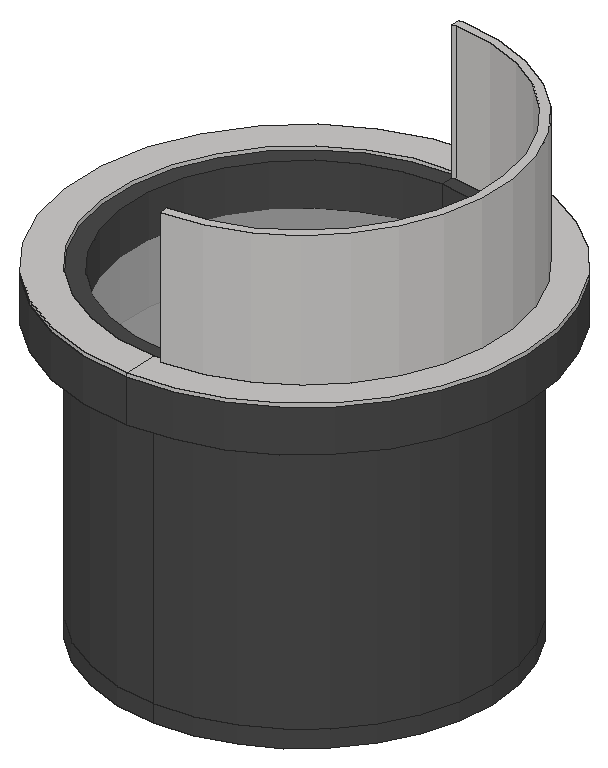
Revit family "LTV8HS", category Lighting Fixtures, host Face, Revit 2014
Parameters (values of type "LTV81HS")
  Wattage = 9.2903 W
  Warranty = "For full warranty see http://www.\r\nhubbelllighting.com/resources/warranty\r\n■ Opening of Component Module on site will\r\nvoid warranty"  # constant formula
  built-in parameter 1150110 = 1 (stored number, unit not read)
  Voltage = 120 V
  URL = "https://www.hubbell.com/kimlighting/en/"
  built-in parameter 1114217 = 1 (stored number, unit not read)
  Tilt Angle = 60.00°
  built-in parameter 1150109 = 1 (stored number, unit not read)
  built-in parameter 1150134 = 3
  built-in parameter 1150113 = 1 (stored number, unit not read)
  Radius = Diameter / 2  # 6.500"
  Product Page URL = "https://www.hubbell.com/kimlighting/en/Products/Lighting-Controls/Commercial-Outdoor-Lighting/In-Grade/Lightvault-8-RGBW-Half-Shield/p/248535"
  Product Documentation Link = "https://hubbellcdn.com/specsheet/kl_ltv81rgbw_spec.pdf"
  Photometric Web File = "ltv81ff-nf-36l3k.ies"
  Nominal Watts = 31 W
  Model = "Lightvault® 8 RGBW Half Shield"  # constant formula
  Material = Plastic - Black
  Manufacturer = "Kim Lighting"  # constant formula
  built-in parameter 1150105 = 109.82 (stored number, unit not read)
  Lumens = 1380 lm
  built-in parameter 1150115 = 1 (stored number, unit not read)
  built-in parameter 1150137 = (empty or 0)
  built-in parameter 1150139 = (empty or 0)
  Lens = White Glass
  built-in parameter 1150112 = 1 (stored number, unit not read)
  built-in parameter 1150114 = 1 (stored number, unit not read)
  Lamp = "LED"
  built-in parameter 1150132 = (empty or 0)
  built-in parameter 1150102 = (empty or 0)
  built-in parameter 1150107 = 3200 (stored number, unit not read)
  built-in parameter 1150138 = (empty or 0)
  built-in parameter 1150106 = 1.0982 (stored number, unit not read)
  Fixture = LTV8 : LTV81HS
  Finish = Bronze
  Features = "Bluetooth connectivity for remote control aiming, dimming, color changing\r\nFree mobile App for Adroid and iOS\r\nX-Y tilt controls for aiming 12° in any direction\r\nVariable dimming to 20% in 1% increments\r\nIP68 sealed maintenance free LED light engine\r\nTwo sizes: Medium 10 inch, Large 13 inch"  # constant formula
  Emit from Circle Diameter = Diameter  # 13.000"
  Emit Shape Visible in Rendering = no
  built-in parameter 1150104 = 13.8 (stored number, unit not read)
  Dimming Lamp Color Temperature Shift = <None>
  Diameter = 13.000"
  Description = "RGBW Color Changing via Bluetooth® or DMX. The Lightvault 8 RGBW Half Shield directs light while hiding glare and is well suited for controlling light in pedestrian areas and restaurants."  # constant formula
  Depth = 10.000"
  Default Elevation = 48.000"
  Color Filter = 16777215
  Certification = "UL 1598 Standard for Luminaires.\r\n■ UL 8750 Standard for Safety for Light\r\nEmitting Diode (LED) Equipment for use\r\nin Lighting Products. "  # constant formula
  built-in parameter 1114218 = 1 (stored number, unit not read)
  built-in parameter 1150133 = 10 (stored number, unit not read)
  Apparent Load = 0 VA
Types (2): name | Radius | Product Documentation Link | Fixture | Emit from Circle Diameter | Diameter | Depth
  LTV81HS | 6.500" | "https://hubbellcdn.com/specsheet/kl_ltv81rgbw_spec.pdf" | LTV8 : LTV81HS | 13.000" | 13.000" | 10.000"
  LTV82HS | 5.000" | "https://hubbellcdn.com/specsheet/kl_ltv82rgbw_spec.pdf" | LTV8 : LTV82HS | 10.000" | 10.000" | 9.875"
Reference planes (in)
  plane 1 "Center (Front/Back)": y = 0
  plane 2: z = 0
  plane 3 "Center (Left/Right)": x = 0
  plane 4: y = 6.5
  plane 5: y = -6.5
  plane 6: z = -10
  plane 7: z = -9
  plane 8: y = 5
  plane 9: z = -1.25
  plane 10: z = -3
  plane 11: y = -5
  plane 12: y = 4.5
  plane 13: z = -9.5
  plane 14: z = -9.25
  plane 15: y = 5.5
Forms (in)
  Revolve 1, solid, material "Plastic - Black" <- "Material"
    sketch origin (0, 0, 0) x (0, 1, 0) y (0, 0, 1)
      loop
        line (6.5, 0) -> (5, 0) -> (5, -3) -> (0, -3) -> (0, -10) -> (4.5, -10) -> (4.5, -9.5) -> (5.5, -9.5) -> (5.5, -9) -> (5.5, -1.25) -> (6.5, -1.25) -> (6.5, 0)
      axis (0, -10) -> (0, 0)
    angle from 0 to 360
  Revolve 2, solid, material "White Glass" <- "Lens"
    sketch origin (0, 0, 0) x (0, 1, 0) y (0, 0, 1)
      loop
        line (0, -1.25) -> (0, -3) -> (5, -3) -> (5, -1.25) -> (0, -1.25)
      axis (0, -3) -> (0, -1.25)
    angle from 0 to 360
  Extrusion 3, void
    sketch origin (0, 0, 0) x (1, 0, 0) y (0, 1, 0)
      loop
        circle (0, 0) r 6.5
    from -10 to 0
Dimensions and locks (in)
  locked: level to plane 9 at 1.25
  locked: plane 9 to plane 10 at 1.75
  "Depth": level to plane 6
  locked: plane 7 to plane 6 at 1
  equal spacing: plane 5, plane 1 "Center (Front/Back)", plane 4
  "Diameter": plane 5 to plane 4
  locked: plane 5 to plane 11 at 1.5
  locked: plane 8 to plane 4 at 1.5
  locked: plane 12 to plane 8 at 0.5
  locked: plane 13 to plane 6 at 0.5
  locked: plane 14 to plane 13 at 0.25
  locked: plane 8 to plane 15 at 0.5
  "Radius": radius of Extrusion 3 sketch curve
  aligned and locked: plane 2 to host face
  aligned and locked: level to host face
  aligned and locked: Revolve 1 sketch curve to plane 6
  aligned and locked: plane 1 "Center (Front/Back)" to Revolve 1 sketch curve
  aligned and locked: plane 9 to Revolve 1 sketch curve
  aligned and locked: Revolve 1 sketch curve to plane 1 "Center (Front/Back)"
  aligned and locked: plane 12 to Revolve 1 sketch curve
  aligned and locked: plane 13 to Revolve 1 sketch curve
  aligned and locked: plane 15 to Revolve 1 sketch curve
  aligned and locked: Revolve 2 sketch curve to plane 1 "Center (Front/Back)"  (x2)
  aligned and locked: plane 10 to Revolve 2 sketch curve
  aligned and locked: plane 8 to Revolve 2 sketch curve
  aligned and locked: Revolve 1 sketch curve to plane 10
  aligned and locked: level to Extrusion 3
  aligned and locked: Extrusion 3 to plane 6
  aligned and locked: plane 3 "Center (Left/Right)" to Extrusion 3 sketch curve
  aligned and locked: plane 3 "Center (Left/Right)" to nested 1
  aligned and locked: plane 1 "Center (Front/Back)" to nested 1
Automatic sketch dimensions
  host sketch curve to host sketch curve = 96.000"  (x2)
  Revolve 1 sketch curve to plane 8 = 0.000"
  Revolve 1 sketch curve to level = 0.000"
  Revolve 1 sketch curve to plane 4 = 0.000"
  Revolve 1 sketch curve to plane 7 = 0.000"
  Revolve 1 sketch curve to plane 6 = 10.97429"
  level to Revolve 1 sketch curve = 92.27586"
  Revolve 2 sketch curve to plane 9 = 0.000"
  Revolve 2 sketch curve to plane 6 = 14.125"
  level to Revolve 2 sketch curve = 92.27586"
  plane 1 "Center (Front/Back)" to Extrusion 3 sketch curve = 0.000"
Nested families (in)
  nested 1: "LTV8" at (0, 0, 0), type <- "Fixture", type "LTV81HS"
    with Material Plastic - Black, Lens White Glass, Finish Stainless Steel
Connectors (in)
  electrical at (0, 0, 0), driven by "Description"
    settings: index 1, voltage 0 V, apparent load 0 VA, apparent load phase1 0 VA, apparent load phase2 0 VA, apparent load phase3 0 VA, power factor 1, load classification "Other", number of poles 1, system type 30, power factor state 1, is connector primary yes, connector utility no, sub classification motor no, connector description "RGBW Color Changing via Bluetooth® or DMX. The Lightvault 8 RGBW Half Shield directs light while hiding glare and is well suited for controlling light in pedestrian areas and restaurants."
Definition of nested family "LTV8"
  Parameters (values of type "LTV81HS")
    URL = "http://www.kimlighting.com/"
    Product Page URL = ""
    Product Documentation Link = ""
    Material [instance] = Plastic - Black
    Manufacturer Phone = "626/968-5666"  # constant formula
    Manufacturer Fax = "626/968-5716"  # constant formula
    Manufacturer = "Kim Lighting"  # constant formula
    Lens [instance] = White Glass
    Height = 4.000"
    Finish [instance] = Stainless Steel
    Diameter = 13.000"
    Depth = 10.000"
  Types (3): name | Height | Diameter | Depth
    LTV81HS | 4.000" | 13.000" | 10.000"
    LTV82HS | 3.125" | 10.375" | 9.875"
    LTV83HS | 2.500" | 7.938" | 8.250"
  Reference planes (in)
    plane 1 "Center (Front/Back)": y = 0
    plane 2: z = 0
    plane 3 "Center (Left/Right)": x = 0
    plane 4: y = 6.5
    plane 5: y = -6.5
    plane 6: x = 0.5
    plane 7: x = -0.5
    plane 8: z = 0.1
    plane 9: y = 5.5
    plane 10: z = 4
  Forms (in)
    Revolve 1, solid, material "Stainless Steel" <- "Finish"
      sketch origin (0, 0, 0) x (0, 1, 0) y (0, 0, 1)
        loop
          line (5.5, 0.1) -> (5.5, 0) -> (6.5, 0) -> (6.5, 0.1) -> (5.5, 0.1)
        axis (0, 0) -> (0, 0.1)
      angle from 0 to 360
    Sweep 2, solid, material "Stainless Steel" <- "Finish"
      path origin (0, 0, 0) x (1, 0, 0) y (0, 1, 0)
        loop
          line (0, 5.5) -> (0.12952, 5.5)
          arc (0.12952, 5.5) -> (5.49889, 0.07405) -> (0.27554, -5.49262) r 5.50057
      profile origin (0.06476, 5.5, 0) x (0, 1, 0) y (0, 0, 1)
        loop
          line (0.12279, 0) -> (0.12279, 4) -> (-0.12721, 4) -> (-0.12721, 0) -> (0.12279, 0)
  Dimensions and locks (in)
    equal spacing: plane 4, plane 1 "Center (Front/Back)", plane 5  (x2)
    "Diameter": plane 4 to plane 5
    equal spacing: plane 7, plane 3 "Center (Left/Right)", plane 6
    locked: plane 8 to level at 0.1
    locked: plane 9 to plane 4 at 1
    "Height": plane 10 to level
    aligned and locked: plane 2 to level
    aligned and locked: Revolve 1 sketch curve to plane 8
    aligned and locked: level to Revolve 1 sketch curve
    aligned and locked: Revolve 1 sketch curve to plane 1 "Center (Front/Back)"
    aligned and locked: plane 4 to Revolve 1 sketch curve
    aligned and locked: Revolve 1 sketch curve to plane 9
    aligned and locked: plane 10 to Sweep 2 sketch curve
  Automatic sketch dimensions
    Revolve 1 sketch curve to level = 24.000"
    plane 8 to Revolve 1 sketch curve = 92.17586"
    Sweep 2 sketch curve to plane 3 "Center (Left/Right)" = 0.000"
    plane 9 to Sweep 2 sketch curve = 0.000"
    Sweep 2 sketch curve to plane 3 "Center (Left/Right)" = 0.0012"
    plane 3 "Center (Left/Right)" to Sweep 2 sketch curve = 0.12952"
    Sweep 2 sketch curve to plane 6 = 0.22446"
    Sweep 2 sketch curve to plane 1 "Center (Front/Back)" = 0.00098"
    Sweep 2 sketch curve to level = 0.000"
    profile plane to Sweep 2 sketch curve = 0.12721"
    Sweep 2 sketch curve to profile plane = 0.12279"
